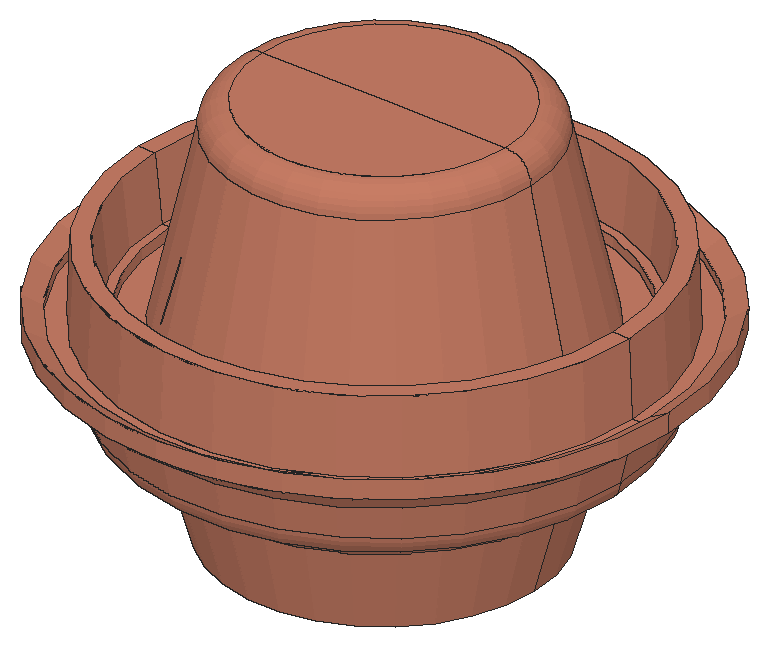
Revit family
Parameters (values of type "1080-08")
  Water Dam Height = 2"  # constant formula
  Waste Connection = no
  Warranty = "1 year material and workmanship"  # constant formula
  Vent Connection = no
  URL = "http://www.jrsmith.com"
  Type Comments = ""
  Threaded = yes
  Technical and Installation = "http://www.jrsmith.com/products/roof/tech_data_index.htm"
  SmartBIM Object Version = 3  # constant formula
  SmartBIM Object Created By = "Reed Construction Data"  # constant formula
  Push On = yes
  Product URL = "http://www.jrsmith.com/products/roof/submittal/d1080.pdf"
  Pipe Diameter = 8"
  Outlet Radius = Pipe Diameter / 2  # 4"
  OmniClass Title = "Roof Drains"  # constant formula
  OmniClass Code = "22-22 14 26 13"  # constant formula
  No Hub = yes
  Model = "1080"  # constant formula
  Material Finish = Cast Iron
  Material = Duco coated
  Manufacturer = "Jay R. Smith Mfg. Co. "  # constant formula
  HW Connection = no
  Dome Free Area = "102.5"
  Description = "Duco cast iron body, flashing clamp and gravel stop with polyethylene dome, PVC standpipe or cast iron water dam"  # constant formula
  Default Elevation = 0"
  D Radius = 8"  # constant formula
  Caulk = yes
  CW Connection = no
  Assembly Code = "D2040200"
  95 CSI = "15165"  # constant formula
  04 CSI = "22 14 35"  # constant formula
Reference planes (in)
  plane 1 "Center (Front/Back)": y = 0
  plane 2: z = 0
  plane 3 "Center (Left/Right)": x = -0.25
  plane 4: x = 7.75
  plane 5: x = -8.25
  plane 6: z = -5.29687
  plane 7: z = 2
  plane 8: through (4.97325, 0, 0.11589) normal (0.9744, 0, 0.225)
Forms (in)
  Revolve 1, solid, material "Cast Iron" <- "Material Finish"
    sketch origin (0, 0, 0.50522) x (1, 0, 0) y (0, 0, 1)
      loop
        line (4.70413, -3.33987) -> (5.07029, -3.33987)
        arc (5.07029, -3.33987) -> (5.24707, -3.26665) -> (5.32029, -3.08987) r 0.25
        line (5.32029, -3.08987) -> (5.32029, -3.03845)
        arc (5.32029, -3.03845) -> (5.36577, -2.92865) -> (5.47558, -2.88316) r 0.15529
        line (5.47558, -2.88316) -> (5.64193, -2.88316)
        arc (5.64193, -2.88316) -> (6.14831, -2.69563) -> (6.4104, -2.22352) r 0.77744
        line (6.4104, -2.22352) -> (6.62395, -1.33557) -> (7.75, -0.50522) -> (7.75, 0) -> (7.25311, -0.27056) -> (7.25311, -0.50522) -> (6.73808, -0.50522) -> (6.65246, 1.49478) -> (6.19201, 1.49478) -> (6.0089, -0.23136) -> (5.7589, -0.23136) -> (5.75891, -2.40634) -> (5.67672, -2.40634)
        arc (5.67672, -2.40634) -> (5.60811, -2.56329) -> (5.44944, -2.62781) r 0.22735
        line (5.44944, -2.62781) -> (5.38568, -2.62781)
        arc (5.38568, -2.62781) -> (5.2187, -2.68465) -> (5.13845, -2.84173) r 0.23471
        arc (5.13845, -2.84173) -> (5.06678, -2.95469) -> (4.94332, -3.00621) r 0.22268
        line (4.94332, -3.00621) -> (3.75, -3.00621) -> (3.75, -5.8021) -> (3.99184, -5.8021) -> (4.70413, -3.33987)
      axis (-0.25, -5.8021) -> (-0.25, 1.49478)
    angle from 0 to 360
  Revolve 2, solid, material "Cast Iron" <- "Material Finish"
    sketch origin (0, 0, 0) x (1, 0, 0) y (0, 0, 1)
      loop
        line (6.09864, 0) -> (5, 0) -> (3.87524, 4.87185)
        arc (3.87524, 4.87185) -> (3.66814, 5.37185) -> (3.16814, 5.57896) r 0.70711
        line (3.16814, 5.57896) -> (-0.25, 5.57896) -> (-0.25, 5.07896) -> (3.25, 5.07896) -> (4.66114, -0.1875) -> (5.91114, -0.1875) -> (6.09864, 0)
      axis (-0.25, -0.1875) -> (-0.25, 5.57896)
    angle from 0 to 360
Lines and regions (in)
  symbolic lines
    curve 1: arc (7.75, 0, 0) -> (-0.25, 8, 0) -> (-8.25, 0, 0) r 8
    curve 2: arc (-7.75311, 0, 0) -> (-0.25, 7.50311, 0) -> (7.25311, 0, 0) r 7.50311
    curve 3: arc (-7.75311, 0, 0) -> (-0.25, 7.50311, 0) -> (7.25311, 0, 0) r 7.50311
    curve 4: arc (-7.15246, 0, 0) -> (-0.25, 6.90246, 0) -> (6.65246, 0, 0) r 6.90246
    curve 5: arc (-7.23808, 0, 0) -> (-0.25, 6.98808, 0) -> (6.73808, 0, 0) r 6.98808
    curve 6: arc (-6.69201, 0, 0) -> (-0.25, 6.44201, 0) -> (6.19201, 0, 0) r 6.44201
    curve 7: arc (5, 0, 0) -> (-0.25, 5.25, 0) -> (-5.5, 0, 0) r 5.25
    curve 8: arc (-4.37524, 0, 0) -> (-0.25, 4.12524, 0) -> (3.87524, 0, 0) r 4.12524
    curve 9: arc (3.87524, 0, 0) -> (-0.25, -4.12524, 0) -> (-4.37524, 0, 0) r 4.12524
    curve 10: arc (-5.5, 0, 0) -> (-0.25, -5.25, 0) -> (5, 0, 0) r 5.25
    curve 11: arc (6.19201, 0, 0) -> (-0.25, -6.44201, 0) -> (-6.69201, 0, 0) r 6.44201
    curve 12: arc (6.65246, 0, 0) -> (-0.25, -6.90246, 0) -> (-7.15246, 0, 0) r 6.90246
    curve 13: arc (6.73808, 0, 0) -> (-0.25, -6.98808, 0) -> (-7.23808, 0, 0) r 6.98808
    curve 14: arc (7.25311, 0, 0) -> (-0.25, -7.50311, 0) -> (-7.75311, 0, 0) r 7.50311
    curve 15: arc (7.25311, 0, 0) -> (-0.25, -7.50311, 0) -> (-7.75311, 0, 0) r 7.50311
    curve 16: arc (-8.25, 0, 0) -> (-0.25, -8, 0) -> (7.75, 0, 0) r 8
    curve 177: line (-5.40276, 0.58744, 0) -> (-5.44038, 0.25744, 0)
    curve 178: line (-5.40276, 0.58744, 0) -> (-4.49326, 0.48376, 0)
    curve 179: line (-5.44038, 0.25744, 0) -> (-4.53088, 0.15376, 0)
    curve 180: spline (-4.49326, 0.48376, 0) -> (-4.4843, 0.47704, 0) -> (-4.47722, 0.45953, 0) -> (-4.47253, 0.43244, 0) -> (-4.47052, 0.39759, 0) -> (-4.47135, 0.35737, 0) -> (-4.47496, 0.31452, 0) -> (-4.48109, 0.27196, 0) -> (-4.48933, 0.23259, 0) -> (-4.49913, 0.19909, 0) -> (-4.5098, 0.17375, 0) -> (-4.52064, 0.15828, 0) -> (-4.53088, 0.15376, 0)
    curve 181: line (4.8321, 1.0336, 0) -> (4.7659, 1.35907, 0)
    curve 182: line (4.8321, 1.0336, 0) -> (3.93507, 0.85116, 0)
    curve 183: line (4.7659, 1.35907, 0) -> (3.86888, 1.17663, 0)
    curve 184: spline (3.93507, 0.85116, 0) -> (3.92447, 0.85478, 0) -> (3.91233, 0.86924, 0) -> (3.89949, 0.89356, 0) -> (3.88682, 0.92608, 0) -> (3.87518, 0.96459, 0) -> (3.86537, 1.00645, 0) -> (3.85805, 1.04883, 0) -> (3.85372, 1.08882, 0) -> (3.85268, 1.12371, 0) -> (3.85501, 1.15111, 0) -> (3.86053, 1.16916, 0) -> (3.86888, 1.17663, 0)
    curve 185: line (4.93122, 0.22586, 0) -> (4.91675, 0.55768, 0)
    curve 186: line (4.93122, 0.22586, 0) -> (4.0167, 0.18599, 0)
    curve 187: line (4.91675, 0.55768, 0) -> (4.00223, 0.51781, 0)
    curve 188: spline (4.0167, 0.18599, 0) -> (4.00679, 0.19122, 0) -> (3.99707, 0.20741, 0) -> (3.98819, 0.23344, 0) -> (3.98076, 0.26754, 0) -> (3.97529, 0.30739, 0) -> (3.97214, 0.35028, 0) -> (3.97154, 0.39327, 0) -> (3.97353, 0.43345, 0) -> (3.97796, 0.46807, 0) -> (3.98454, 0.49477, 0) -> (3.99282, 0.51174, 0) -> (4.00223, 0.51781, 0)
    curve 189: line (4.90276, -0.58744, 0) -> (4.94038, -0.25744, 0)
    curve 190: line (4.90276, -0.58744, 0) -> (3.99326, -0.48376, 0)
    curve 191: line (4.94038, -0.25744, 0) -> (4.03088, -0.15376, 0)
    curve 192: spline (3.99326, -0.48376, 0) -> (3.9843, -0.47704, 0) -> (3.97722, -0.45953, 0) -> (3.97253, -0.43244, 0) -> (3.97052, -0.39759, 0) -> (3.97135, -0.35737, 0) -> (3.97496, -0.31452, 0) -> (3.98109, -0.27196, 0) -> (3.98933, -0.23259, 0) -> (3.99913, -0.19909, 0) -> (4.0098, -0.17375, 0) -> (4.02064, -0.15828, 0) -> (4.03088, -0.15376, 0)
    curve 193: line (4.74742, -1.38628, 0) -> (4.83621, -1.06623, 0)
    curve 194: line (4.74742, -1.38628, 0) -> (3.86534, -1.14159, 0)
    curve 195: line (4.83621, -1.06623, 0) -> (3.95413, -0.82154, 0)
    curve 196: spline (3.86534, -1.14159, 0) -> (3.85754, -1.13355, 0) -> (3.85329, -1.11516, 0) -> (3.85289, -1.08766, 0) -> (3.85636, -1.05293, 0) -> (3.86347, -1.01334, 0) -> (3.87374, -0.97158, 0) -> (3.88645, -0.9305, 0) -> (3.90076, -0.89291, 0) -> (3.91567, -0.86135, 0) -> (3.93018, -0.83799, 0) -> (3.9433, -0.82441, 0) -> (3.95413, -0.82154, 0)
    curve 197: line (4.46904, -2.15098, 0) -> (4.60679, -1.84876, 0)
    curve 198: line (4.46904, -2.15098, 0) -> (3.63609, -1.77132, 0)
    curve 199: line (4.60679, -1.84876, 0) -> (3.77385, -1.4691, 0)
    curve 200: spline (3.63609, -1.77132, 0) -> (3.62964, -1.76216, 0) -> (3.62832, -1.74333, 0) -> (3.63223, -1.7161, 0) -> (3.64109, -1.68235, 0) -> (3.65431, -1.64435, 0) -> (3.67098, -1.60471, 0) -> (3.68996, -1.56613, 0) -> (3.70997, -1.53123, 0) -> (3.72964, -1.5024, 0) -> (3.74762, -1.48159, 0) -> (3.7627, -1.47024, 0) -> (3.77385, -1.4691, 0)
    curve 201: line (4.07445, -2.86272, 0) -> (4.25779, -2.58577, 0)
    curve 202: line (4.07445, -2.86272, 0) -> (3.31115, -2.35743, 0)
    curve 203: line (4.25779, -2.58577, 0) -> (3.49449, -2.08048, 0)
    curve 204: spline (3.31115, -2.35743, 0) -> (3.30621, -2.34737, 0) -> (3.30786, -2.32857, 0) -> (3.31598, -2.30229, 0) -> (3.33001, -2.27033, 0) -> (3.34901, -2.23488, 0) -> (3.37167, -2.19833, 0) -> (3.39646, -2.1632, 0) -> (3.42168, -2.13186, 0) -> (3.44562, -2.10646, 0) -> (3.46663, -2.08872, 0) -> (3.48331, -2.07986, 0) -> (3.49449, -2.08048, 0)
    curve 205: line (3.57338, -3.50397, 0) -> (3.79778, -3.25911, 0)
    curve 206: line (3.57338, -3.50397, 0) -> (2.89853, -2.88549, 0)
    curve 207: line (3.79778, -3.25911, 0) -> (3.12293, -2.64063, 0)
    curve 208: spline (2.89853, -2.88549, 0) -> (2.89522, -2.87479, 0) -> (2.89979, -2.85647, 0) -> (2.91192, -2.83179, 0) -> (2.93078, -2.80242, 0) -> (2.95509, -2.77037, 0) -> (2.98319, -2.73782, 0) -> (3.01317, -2.707, 0) -> (3.04298, -2.67999, 0) -> (3.07059, -2.65864, 0) -> (3.09413, -2.64441, 0) -> (3.11198, -2.63827, 0) -> (3.12293, -2.64063, 0)
    curve 209: line (2.97817, -4.05894, 0) -> (3.23811, -3.85219, 0)
    curve 210: line (2.97817, -4.05894, 0) -> (2.40837, -3.34251, 0)
    curve 211: line (3.23811, -3.85219, 0) -> (2.66832, -3.13576, 0)
    curve 212: spline (2.40837, -3.34251, 0) -> (2.40678, -3.33142, 0) -> (2.41416, -3.31404, 0) -> (2.43, -3.29156, 0) -> (2.45322, -3.2655, 0) -> (2.48225, -3.23765, 0) -> (2.51509, -3.2099, 0) -> (2.54952, -3.18414, 0) -> (2.58319, -3.16213, 0) -> (2.61381, -3.14537, 0) -> (2.63928, -3.13499, 0) -> (2.65787, -3.13172, 0) -> (2.66832, -3.13576, 0)
    curve 213: line (2.30346, -4.51396, 0) -> (2.59255, -4.35043, 0)
    curve 214: line (2.30346, -4.51396, 0) -> (1.85276, -3.71722, 0)
    curve 215: line (2.59255, -4.35043, 0) -> (2.14185, -3.55368, 0)
    curve 216: spline (1.85276, -3.71722, 0) -> (1.85292, -3.70601, 0) -> (1.86293, -3.69, 0) -> (1.88209, -3.67027, 0) -> (1.9091, -3.64817, 0) -> (1.94213, -3.6252, 0) -> (1.97891, -3.60293, 0) -> (2.01695, -3.58288, 0) -> (2.05365, -3.56641, 0) -> (2.08651, -3.55464, 0) -> (2.11329, -3.54838, 0) -> (2.13216, -3.54805, 0) -> (2.14185, -3.55368, 0)
    curve 217: line (1.56589, -4.85784, 0) -> (1.877, -4.74154, 0)
    curve 218: line (1.56589, -4.85784, 0) -> (1.24537, -4.00039, 0)
    curve 219: line (1.877, -4.74154, 0) -> (1.55648, -3.8841, 0)
    curve 220: spline (1.24537, -4.00039, 0) -> (1.24729, -3.98936, 0) -> (1.25967, -3.97511, 0) -> (1.28168, -3.95862, 0) -> (1.31182, -3.94102, 0) -> (1.34803, -3.9235, 0) -> (1.38785, -3.90725, 0) -> (1.42855, -3.8934, 0) -> (1.46738, -3.88287, 0) -> (1.50167, -3.87639, 0) -> (1.5291, -3.87439, 0) -> (1.5478, -3.87702, 0) -> (1.55648, -3.8841, 0)
    curve 221: line (0.7836, -5.0821, 0) -> (1.10907, -5.0159, 0)
    curve 222: line (0.7836, -5.0821, 0) -> (0.60116, -4.18507, 0)
    curve 223: line (1.10907, -5.0159, 0) -> (0.92663, -4.11888, 0)
    curve 224: spline (0.60116, -4.18507, 0) -> (0.60478, -4.17447, 0) -> (0.61924, -4.16233, 0) -> (0.64356, -4.14949, 0) -> (0.67608, -4.13682, 0) -> (0.71459, -4.12518, 0) -> (0.75645, -4.11537, 0) -> (0.79883, -4.10805, 0) -> (0.83882, -4.10372, 0) -> (0.87371, -4.10268, 0) -> (0.90111, -4.10501, 0) -> (0.91916, -4.11053, 0) -> (0.92663, -4.11888, 0)
    curve 225: line (-0.02414, -5.18122, 0) -> (0.30768, -5.16675, 0)
    curve 226: line (-0.02414, -5.18122, 0) -> (-0.06401, -4.2667, 0)
    curve 227: line (0.30768, -5.16675, 0) -> (0.26781, -4.25223, 0)
    curve 228: spline (-0.06401, -4.2667, 0) -> (-0.05878, -4.25679, 0) -> (-0.04259, -4.24707, 0) -> (-0.01656, -4.23819, 0) -> (0.01754, -4.23076, 0) -> (0.05739, -4.22529, 0) -> (0.10028, -4.22214, 0) -> (0.14327, -4.22154, 0) -> (0.18345, -4.22353, 0) -> (0.21807, -4.22796, 0) -> (0.24477, -4.23454, 0) -> (0.26174, -4.24282, 0) -> (0.26781, -4.25223, 0)
    curve 229: line (-0.83744, -5.15276, 0) -> (-0.50744, -5.19038, 0)
    curve 230: line (-0.83744, -5.15276, 0) -> (-0.73376, -4.24326, 0)
    curve 231: line (-0.50744, -5.19038, 0) -> (-0.40376, -4.28088, 0)
    curve 232: spline (-0.73376, -4.24326, 0) -> (-0.72704, -4.2343, 0) -> (-0.70953, -4.22722, 0) -> (-0.68244, -4.22253, 0) -> (-0.64759, -4.22052, 0) -> (-0.60737, -4.22135, 0) -> (-0.56452, -4.22496, 0) -> (-0.52196, -4.23109, 0) -> (-0.48259, -4.23933, 0) -> (-0.44909, -4.24913, 0) -> (-0.42375, -4.2598, 0) -> (-0.40828, -4.27064, 0) -> (-0.40376, -4.28088, 0)
    curve 233: line (-1.63628, -4.99742, 0) -> (-1.31623, -5.08621, 0)
    curve 234: line (-1.63628, -4.99742, 0) -> (-1.39159, -4.11534, 0)
    curve 235: line (-1.31623, -5.08621, 0) -> (-1.07154, -4.20413, 0)
    curve 236: spline (-1.39159, -4.11534, 0) -> (-1.38355, -4.10754, 0) -> (-1.36516, -4.10329, 0) -> (-1.33766, -4.10289, 0) -> (-1.30293, -4.10636, 0) -> (-1.26334, -4.11347, 0) -> (-1.22158, -4.12374, 0) -> (-1.1805, -4.13645, 0) -> (-1.14291, -4.15076, 0) -> (-1.11135, -4.16567, 0) -> (-1.08799, -4.18018, 0) -> (-1.07441, -4.1933, 0) -> (-1.07154, -4.20413, 0)
    curve 237: line (-2.40098, -4.71904, 0) -> (-2.09876, -4.85679, 0)
    curve 238: line (-2.40098, -4.71904, 0) -> (-2.02132, -3.88609, 0)
    curve 239: line (-2.09876, -4.85679, 0) -> (-1.7191, -4.02385, 0)
    curve 240: spline (-2.02132, -3.88609, 0) -> (-2.01216, -3.87964, 0) -> (-1.99333, -3.87832, 0) -> (-1.9661, -3.88223, 0) -> (-1.93235, -3.89109, 0) -> (-1.89435, -3.90431, 0) -> (-1.85471, -3.92098, 0) -> (-1.81613, -3.93996, 0) -> (-1.78123, -3.95997, 0) -> (-1.7524, -3.97964, 0) -> (-1.73159, -3.99762, 0) -> (-1.72024, -4.0127, 0) -> (-1.7191, -4.02385, 0)
    curve 241: line (-3.11272, -4.32445, 0) -> (-2.83577, -4.50779, 0)
    curve 242: line (-3.11272, -4.32445, 0) -> (-2.60743, -3.56115, 0)
    curve 243: line (-2.83577, -4.50779, 0) -> (-2.33048, -3.74449, 0)
    curve 244: spline (-2.60743, -3.56115, 0) -> (-2.59737, -3.55621, 0) -> (-2.57857, -3.55786, 0) -> (-2.55229, -3.56598, 0) -> (-2.52033, -3.58001, 0) -> (-2.48488, -3.59901, 0) -> (-2.44833, -3.62167, 0) -> (-2.4132, -3.64646, 0) -> (-2.38186, -3.67168, 0) -> (-2.35646, -3.69562, 0) -> (-2.33872, -3.71663, 0) -> (-2.32986, -3.73331, 0) -> (-2.33048, -3.74449, 0)
    curve 245: line (-3.75397, -3.82338, 0) -> (-3.50911, -4.04778, 0)
    curve 246: line (-3.75397, -3.82338, 0) -> (-3.13549, -3.14853, 0)
    curve 247: line (-3.50911, -4.04778, 0) -> (-2.89063, -3.37293, 0)
    curve 248: spline (-3.13549, -3.14853, 0) -> (-3.12479, -3.14522, 0) -> (-3.10647, -3.14979, 0) -> (-3.08179, -3.16192, 0) -> (-3.05242, -3.18078, 0) -> (-3.02037, -3.20509, 0) -> (-2.98782, -3.23319, 0) -> (-2.957, -3.26317, 0) -> (-2.92999, -3.29298, 0) -> (-2.90864, -3.32059, 0) -> (-2.89441, -3.34413, 0) -> (-2.88827, -3.36198, 0) -> (-2.89063, -3.37293, 0)
    curve 249: line (-4.30894, -3.22817, 0) -> (-4.10219, -3.48811, 0)
    curve 250: line (-4.30894, -3.22817, 0) -> (-3.59251, -2.65837, 0)
    curve 251: line (-4.10219, -3.48811, 0) -> (-3.38576, -2.91832, 0)
    curve 252: spline (-3.59251, -2.65837, 0) -> (-3.58142, -2.65678, 0) -> (-3.56404, -2.66416, 0) -> (-3.54156, -2.68, 0) -> (-3.5155, -2.70322, 0) -> (-3.48765, -2.73225, 0) -> (-3.4599, -2.76509, 0) -> (-3.43414, -2.79952, 0) -> (-3.41213, -2.83319, 0) -> (-3.39537, -2.86381, 0) -> (-3.38499, -2.88928, 0) -> (-3.38172, -2.90787, 0) -> (-3.38576, -2.91832, 0)
    curve 253: line (-4.76396, -2.55346, 0) -> (-4.60043, -2.84255, 0)
    curve 254: line (-4.76396, -2.55346, 0) -> (-3.96722, -2.10276, 0)
    curve 255: line (-4.60043, -2.84255, 0) -> (-3.80368, -2.39185, 0)
    curve 256: spline (-3.96722, -2.10276, 0) -> (-3.95601, -2.10292, 0) -> (-3.94, -2.11293, 0) -> (-3.92027, -2.13209, 0) -> (-3.89817, -2.1591, 0) -> (-3.8752, -2.19213, 0) -> (-3.85293, -2.22891, 0) -> (-3.83288, -2.26695, 0) -> (-3.81641, -2.30365, 0) -> (-3.80464, -2.33651, 0) -> (-3.79838, -2.36329, 0) -> (-3.79805, -2.38216, 0) -> (-3.80368, -2.39185, 0)
    curve 257: line (-5.10784, -1.81589, 0) -> (-4.99154, -2.127, 0)
    curve 258: line (-5.10784, -1.81589, 0) -> (-4.25039, -1.49537, 0)
    curve 259: line (-4.99154, -2.127, 0) -> (-4.1341, -1.80648, 0)
    curve 260: spline (-4.25039, -1.49537, 0) -> (-4.23936, -1.49729, 0) -> (-4.22511, -1.50967, 0) -> (-4.20862, -1.53168, 0) -> (-4.19102, -1.56182, 0) -> (-4.1735, -1.59803, 0) -> (-4.15725, -1.63785, 0) -> (-4.1434, -1.67855, 0) -> (-4.13287, -1.71738, 0) -> (-4.12639, -1.75167, 0) -> (-4.12439, -1.7791, 0) -> (-4.12702, -1.7978, 0) -> (-4.1341, -1.80648, 0)
    curve 261: line (-5.3321, -1.0336, 0) -> (-5.2659, -1.35907, 0)
    curve 262: line (-5.3321, -1.0336, 0) -> (-4.43507, -0.85116, 0)
    curve 263: line (-5.2659, -1.35907, 0) -> (-4.36888, -1.17663, 0)
    curve 264: spline (-4.43507, -0.85116, 0) -> (-4.42447, -0.85478, 0) -> (-4.41233, -0.86924, 0) -> (-4.39949, -0.89356, 0) -> (-4.38682, -0.92608, 0) -> (-4.37518, -0.96459, 0) -> (-4.36537, -1.00645, 0) -> (-4.35805, -1.04883, 0) -> (-4.35372, -1.08882, 0) -> (-4.35268, -1.12371, 0) -> (-4.35501, -1.15111, 0) -> (-4.36053, -1.16916, 0) -> (-4.36888, -1.17663, 0)
    curve 265: line (-5.43122, -0.22586, 0) -> (-5.41675, -0.55768, 0)
    curve 266: line (-5.43122, -0.22586, 0) -> (-4.5167, -0.18599, 0)
    curve 267: line (-5.41675, -0.55768, 0) -> (-4.50223, -0.51781, 0)
    curve 268: spline (-4.5167, -0.18599, 0) -> (-4.50679, -0.19122, 0) -> (-4.49707, -0.20741, 0) -> (-4.48819, -0.23344, 0) -> (-4.48076, -0.26754, 0) -> (-4.47529, -0.30739, 0) -> (-4.47214, -0.35028, 0) -> (-4.47154, -0.39327, 0) -> (-4.47353, -0.43345, 0) -> (-4.47796, -0.46807, 0) -> (-4.48454, -0.49477, 0) -> (-4.49282, -0.51174, 0) -> (-4.50223, -0.51781, 0)
    curve 269: line (-5.24742, 1.38628, 0) -> (-5.33621, 1.06623, 0)
    curve 270: line (-5.24742, 1.38628, 0) -> (-4.36534, 1.14159, 0)
    curve 271: line (-5.33621, 1.06623, 0) -> (-4.45413, 0.82154, 0)
    curve 272: spline (-4.36534, 1.14159, 0) -> (-4.35754, 1.13355, 0) -> (-4.35329, 1.11516, 0) -> (-4.35289, 1.08766, 0) -> (-4.35636, 1.05293, 0) -> (-4.36347, 1.01334, 0) -> (-4.37374, 0.97158, 0) -> (-4.38645, 0.9305, 0) -> (-4.40076, 0.89291, 0) -> (-4.41567, 0.86135, 0) -> (-4.43018, 0.83799, 0) -> (-4.4433, 0.82441, 0) -> (-4.45413, 0.82154, 0)
    curve 273: line (-4.96904, 2.15098, 0) -> (-5.10679, 1.84876, 0)
    curve 274: line (-4.96904, 2.15098, 0) -> (-4.13609, 1.77132, 0)
    curve 275: line (-5.10679, 1.84876, 0) -> (-4.27385, 1.4691, 0)
    curve 276: spline (-4.13609, 1.77132, 0) -> (-4.12964, 1.76216, 0) -> (-4.12832, 1.74333, 0) -> (-4.13223, 1.7161, 0) -> (-4.14109, 1.68235, 0) -> (-4.15431, 1.64435, 0) -> (-4.17098, 1.60471, 0) -> (-4.18996, 1.56613, 0) -> (-4.20997, 1.53123, 0) -> (-4.22964, 1.5024, 0) -> (-4.24762, 1.48159, 0) -> (-4.2627, 1.47024, 0) -> (-4.27385, 1.4691, 0)
    curve 277: line (-4.57445, 2.86272, 0) -> (-4.75779, 2.58577, 0)
    curve 278: line (-4.57445, 2.86272, 0) -> (-3.81115, 2.35743, 0)
    curve 279: line (-4.75779, 2.58577, 0) -> (-3.99449, 2.08048, 0)
    curve 280: spline (-3.81115, 2.35743, 0) -> (-3.80621, 2.34737, 0) -> (-3.80786, 2.32857, 0) -> (-3.81598, 2.30229, 0) -> (-3.83001, 2.27033, 0) -> (-3.84901, 2.23488, 0) -> (-3.87167, 2.19833, 0) -> (-3.89646, 2.1632, 0) -> (-3.92168, 2.13186, 0) -> (-3.94562, 2.10646, 0) -> (-3.96663, 2.08872, 0) -> (-3.98331, 2.07986, 0) -> (-3.99449, 2.08048, 0)
    curve 281: line (-4.07338, 3.50397, 0) -> (-4.29778, 3.25911, 0)
    curve 282: line (-4.07338, 3.50397, 0) -> (-3.39853, 2.88549, 0)
    curve 283: line (-4.29778, 3.25911, 0) -> (-3.62293, 2.64063, 0)
    curve 284: spline (-3.39853, 2.88549, 0) -> (-3.39522, 2.87479, 0) -> (-3.39979, 2.85647, 0) -> (-3.41192, 2.83179, 0) -> (-3.43078, 2.80242, 0) -> (-3.45509, 2.77037, 0) -> (-3.48319, 2.73782, 0) -> (-3.51317, 2.707, 0) -> (-3.54298, 2.67999, 0) -> (-3.57059, 2.65864, 0) -> (-3.59413, 2.64441, 0) -> (-3.61198, 2.63827, 0) -> (-3.62293, 2.64063, 0)
    curve 285: line (-3.47817, 4.05894, 0) -> (-3.73811, 3.85219, 0)
    curve 286: line (-3.47817, 4.05894, 0) -> (-2.90837, 3.34251, 0)
    curve 287: line (-3.73811, 3.85219, 0) -> (-3.16832, 3.13576, 0)
    curve 288: spline (-2.90837, 3.34251, 0) -> (-2.90678, 3.33142, 0) -> (-2.91416, 3.31404, 0) -> (-2.93, 3.29156, 0) -> (-2.95322, 3.2655, 0) -> (-2.98225, 3.23765, 0) -> (-3.01509, 3.2099, 0) -> (-3.04952, 3.18414, 0) -> (-3.08319, 3.16213, 0) -> (-3.11381, 3.14537, 0) -> (-3.13928, 3.13499, 0) -> (-3.15787, 3.13172, 0) -> (-3.16832, 3.13576, 0)
    curve 289: line (-2.80346, 4.51396, 0) -> (-3.09255, 4.35043, 0)
    curve 290: line (-2.80346, 4.51396, 0) -> (-2.35276, 3.71722, 0)
    curve 291: line (-3.09255, 4.35043, 0) -> (-2.64185, 3.55368, 0)
    curve 292: spline (-2.35276, 3.71722, 0) -> (-2.35292, 3.70601, 0) -> (-2.36293, 3.69, 0) -> (-2.38209, 3.67027, 0) -> (-2.4091, 3.64817, 0) -> (-2.44213, 3.6252, 0) -> (-2.47891, 3.60293, 0) -> (-2.51695, 3.58288, 0) -> (-2.55365, 3.56641, 0) -> (-2.58651, 3.55464, 0) -> (-2.61329, 3.54838, 0) -> (-2.63216, 3.54805, 0) -> (-2.64185, 3.55368, 0)
    curve 293: line (-2.06589, 4.85784, 0) -> (-2.377, 4.74154, 0)
    curve 294: line (-2.06589, 4.85784, 0) -> (-1.74537, 4.00039, 0)
    curve 295: line (-2.377, 4.74154, 0) -> (-2.05648, 3.8841, 0)
    curve 296: spline (-1.74537, 4.00039, 0) -> (-1.74729, 3.98936, 0) -> (-1.75967, 3.97511, 0) -> (-1.78168, 3.95862, 0) -> (-1.81182, 3.94102, 0) -> (-1.84803, 3.9235, 0) -> (-1.88785, 3.90725, 0) -> (-1.92855, 3.8934, 0) -> (-1.96738, 3.88287, 0) -> (-2.00167, 3.87639, 0) -> (-2.0291, 3.87439, 0) -> (-2.0478, 3.87702, 0) -> (-2.05648, 3.8841, 0)
    curve 297: line (-1.2836, 5.0821, 0) -> (-1.60907, 5.0159, 0)
    curve 298: line (-1.2836, 5.0821, 0) -> (-1.10116, 4.18507, 0)
    curve 299: line (-1.60907, 5.0159, 0) -> (-1.42663, 4.11888, 0)
    curve 300: spline (-1.10116, 4.18507, 0) -> (-1.10478, 4.17447, 0) -> (-1.11924, 4.16233, 0) -> (-1.14356, 4.14949, 0) -> (-1.17608, 4.13682, 0) -> (-1.21459, 4.12518, 0) -> (-1.25645, 4.11537, 0) -> (-1.29883, 4.10805, 0) -> (-1.33882, 4.10372, 0) -> (-1.37371, 4.10268, 0) -> (-1.40111, 4.10501, 0) -> (-1.41916, 4.11053, 0) -> (-1.42663, 4.11888, 0)
    curve 301: line (-0.47586, 5.18122, 0) -> (-0.80768, 5.16675, 0)
    curve 302: line (-0.47586, 5.18122, 0) -> (-0.43599, 4.2667, 0)
    curve 303: line (-0.80768, 5.16675, 0) -> (-0.76781, 4.25223, 0)
    curve 304: spline (-0.43599, 4.2667, 0) -> (-0.44122, 4.25679, 0) -> (-0.45741, 4.24707, 0) -> (-0.48344, 4.23819, 0) -> (-0.51754, 4.23076, 0) -> (-0.55739, 4.22529, 0) -> (-0.60028, 4.22214, 0) -> (-0.64327, 4.22154, 0) -> (-0.68345, 4.22353, 0) -> (-0.71807, 4.22796, 0) -> (-0.74477, 4.23454, 0) -> (-0.76174, 4.24282, 0) -> (-0.76781, 4.25223, 0)
    curve 305: line (0.33744, 5.15276, 0) -> (0.00744, 5.19038, 0)
    curve 306: line (0.33744, 5.15276, 0) -> (0.23376, 4.24326, 0)
    curve 307: line (0.00744, 5.19038, 0) -> (-0.09624, 4.28088, 0)
    curve 308: spline (0.23376, 4.24326, 0) -> (0.22704, 4.2343, 0) -> (0.20953, 4.22722, 0) -> (0.18244, 4.22253, 0) -> (0.14759, 4.22052, 0) -> (0.10737, 4.22135, 0) -> (0.06452, 4.22496, 0) -> (0.02196, 4.23109, 0) -> (-0.01741, 4.23933, 0) -> (-0.05091, 4.24913, 0) -> (-0.07625, 4.2598, 0) -> (-0.09172, 4.27064, 0) -> (-0.09624, 4.28088, 0)
    curve 309: line (1.13628, 4.99742, 0) -> (0.81623, 5.08621, 0)
    curve 310: line (1.13628, 4.99742, 0) -> (0.89159, 4.11534, 0)
    curve 311: line (0.81623, 5.08621, 0) -> (0.57154, 4.20413, 0)
    curve 312: spline (0.89159, 4.11534, 0) -> (0.88355, 4.10754, 0) -> (0.86516, 4.10329, 0) -> (0.83766, 4.10289, 0) -> (0.80293, 4.10636, 0) -> (0.76334, 4.11347, 0) -> (0.72158, 4.12374, 0) -> (0.6805, 4.13645, 0) -> (0.64291, 4.15076, 0) -> (0.61135, 4.16567, 0) -> (0.58799, 4.18018, 0) -> (0.57441, 4.1933, 0) -> (0.57154, 4.20413, 0)
    curve 313: line (1.90098, 4.71904, 0) -> (1.59876, 4.85679, 0)
    curve 314: line (1.90098, 4.71904, 0) -> (1.52132, 3.88609, 0)
    curve 315: line (1.59876, 4.85679, 0) -> (1.2191, 4.02385, 0)
    curve 316: spline (1.52132, 3.88609, 0) -> (1.51216, 3.87964, 0) -> (1.49333, 3.87832, 0) -> (1.4661, 3.88223, 0) -> (1.43235, 3.89109, 0) -> (1.39435, 3.90431, 0) -> (1.35471, 3.92098, 0) -> (1.31613, 3.93996, 0) -> (1.28123, 3.95997, 0) -> (1.2524, 3.97964, 0) -> (1.23159, 3.99762, 0) -> (1.22024, 4.0127, 0) -> (1.2191, 4.02385, 0)
    curve 317: line (2.61272, 4.32445, 0) -> (2.33577, 4.50779, 0)
    curve 318: line (2.61272, 4.32445, 0) -> (2.10743, 3.56115, 0)
    curve 319: line (2.33577, 4.50779, 0) -> (1.83048, 3.74449, 0)
    curve 320: spline (2.10743, 3.56115, 0) -> (2.09737, 3.55621, 0) -> (2.07857, 3.55786, 0) -> (2.05229, 3.56598, 0) -> (2.02033, 3.58001, 0) -> (1.98488, 3.59901, 0) -> (1.94833, 3.62167, 0) -> (1.9132, 3.64646, 0) -> (1.88186, 3.67168, 0) -> (1.85646, 3.69562, 0) -> (1.83872, 3.71663, 0) -> (1.82986, 3.73331, 0) -> (1.83048, 3.74449, 0)
    curve 321: line (3.25397, 3.82338, 0) -> (3.00911, 4.04778, 0)
    curve 322: line (3.25397, 3.82338, 0) -> (2.63549, 3.14853, 0)
    curve 323: line (3.00911, 4.04778, 0) -> (2.39063, 3.37293, 0)
    curve 324: spline (2.63549, 3.14853, 0) -> (2.62479, 3.14522, 0) -> (2.60647, 3.14979, 0) -> (2.58179, 3.16192, 0) -> (2.55242, 3.18078, 0) -> (2.52037, 3.20509, 0) -> (2.48782, 3.23319, 0) -> (2.457, 3.26317, 0) -> (2.42999, 3.29298, 0) -> (2.40864, 3.32059, 0) -> (2.39441, 3.34413, 0) -> (2.38827, 3.36198, 0) -> (2.39063, 3.37293, 0)
    curve 325: line (3.80894, 3.22817, 0) -> (3.60219, 3.48811, 0)
    curve 326: line (3.80894, 3.22817, 0) -> (3.09251, 2.65837, 0)
    curve 327: line (3.60219, 3.48811, 0) -> (2.88576, 2.91832, 0)
    curve 328: spline (3.09251, 2.65837, 0) -> (3.08142, 2.65678, 0) -> (3.06404, 2.66416, 0) -> (3.04156, 2.68, 0) -> (3.0155, 2.70322, 0) -> (2.98765, 2.73225, 0) -> (2.9599, 2.76509, 0) -> (2.93414, 2.79952, 0) -> (2.91213, 2.83319, 0) -> (2.89537, 2.86381, 0) -> (2.88499, 2.88928, 0) -> (2.88172, 2.90787, 0) -> (2.88576, 2.91832, 0)
    curve 329: line (4.26396, 2.55346, 0) -> (4.10043, 2.84255, 0)
    curve 330: line (4.26396, 2.55346, 0) -> (3.46722, 2.10276, 0)
    curve 331: line (4.10043, 2.84255, 0) -> (3.30368, 2.39185, 0)
    curve 332: spline (3.46722, 2.10276, 0) -> (3.45601, 2.10292, 0) -> (3.44, 2.11293, 0) -> (3.42027, 2.13209, 0) -> (3.39817, 2.1591, 0) -> (3.3752, 2.19213, 0) -> (3.35293, 2.22891, 0) -> (3.33288, 2.26695, 0) -> (3.31641, 2.30365, 0) -> (3.30464, 2.33651, 0) -> (3.29838, 2.36329, 0) -> (3.29805, 2.38216, 0) -> (3.30368, 2.39185, 0)
    curve 333: line (4.60784, 1.81589, 0) -> (4.49154, 2.127, 0)
    curve 334: line (4.60784, 1.81589, 0) -> (3.75039, 1.49537, 0)
    curve 335: line (4.49154, 2.127, 0) -> (3.6341, 1.80648, 0)
    curve 336: spline (3.75039, 1.49537, 0) -> (3.73936, 1.49729, 0) -> (3.72511, 1.50967, 0) -> (3.70862, 1.53168, 0) -> (3.69102, 1.56182, 0) -> (3.6735, 1.59803, 0) -> (3.65725, 1.63785, 0) -> (3.6434, 1.67855, 0) -> (3.63287, 1.71738, 0) -> (3.62639, 1.75167, 0) -> (3.62439, 1.7791, 0) -> (3.62702, 1.7978, 0) -> (3.6341, 1.80648, 0)
  model lines
    curve 17: line (4.8321, 1.0336, 0.27662) -> (3.93507, 0.85116, 4.24161)
    curve 18: line (4.7659, 1.35907, 0.27662) -> (3.86888, 1.17663, 4.24161)
    curve 19: arc (3.93507, 0.85116, 4.24161) -> (3.86537, 1.00645, 4.40342) -> (3.86888, 1.17663, 4.24161) r 0.16607
    curve 20: line (4.8321, 1.0336, 0.27662) -> (4.7659, 1.35907, 0.27662)
    curve 21: line (4.93122, 0.22586, 0.27662) -> (4.0167, 0.18599, 4.24161)
    curve 22: line (4.91675, 0.55768, 0.27662) -> (4.00223, 0.51781, 4.24161)
    curve 23: arc (4.0167, 0.18599, 4.24161) -> (3.97214, 0.35028, 4.40342) -> (4.00223, 0.51781, 4.24161) r 0.16607
    curve 24: line (4.93122, 0.22586, 0.27662) -> (4.91675, 0.55768, 0.27662)
    curve 25: line (4.90276, -0.58744, 0.27662) -> (3.99326, -0.48376, 4.24161)
    curve 26: line (4.94038, -0.25744, 0.27662) -> (4.03088, -0.15376, 4.24161)
    curve 27: arc (3.99326, -0.48376, 4.24161) -> (3.97496, -0.31452, 4.40342) -> (4.03088, -0.15376, 4.24161) r 0.16607
    curve 28: line (4.90276, -0.58744, 0.27662) -> (4.94038, -0.25744, 0.27662)
    curve 29: line (4.74742, -1.38628, 0.27662) -> (3.86534, -1.14159, 4.24161)
    curve 30: line (4.83621, -1.06623, 0.27662) -> (3.95413, -0.82154, 4.24161)
    curve 31: arc (3.86534, -1.14159, 4.24161) -> (3.87374, -0.97158, 4.40342) -> (3.95413, -0.82154, 4.24161) r 0.16607
    curve 32: line (4.74742, -1.38628, 0.27662) -> (4.83621, -1.06623, 0.27662)
    curve 33: line (4.46904, -2.15098, 0.27662) -> (3.63609, -1.77132, 4.24161)
    curve 34: line (4.60679, -1.84876, 0.27662) -> (3.77385, -1.4691, 4.24161)
    curve 35: arc (3.63609, -1.77132, 4.24161) -> (3.67098, -1.60471, 4.40342) -> (3.77385, -1.4691, 4.24161) r 0.16607
    curve 36: line (4.46904, -2.15098, 0.27662) -> (4.60679, -1.84876, 0.27662)
    curve 37: line (4.07445, -2.86272, 0.27662) -> (3.31115, -2.35743, 4.24161)
    curve 38: line (4.25779, -2.58577, 0.27662) -> (3.49449, -2.08048, 4.24161)
    curve 39: arc (3.31115, -2.35743, 4.24161) -> (3.37167, -2.19833, 4.40342) -> (3.49449, -2.08048, 4.24161) r 0.16607
    curve 40: line (4.07445, -2.86272, 0.27662) -> (4.25779, -2.58577, 0.27662)
    curve 41: line (3.57338, -3.50397, 0.27662) -> (2.89853, -2.88549, 4.24161)
    curve 42: line (3.79778, -3.25911, 0.27662) -> (3.12293, -2.64063, 4.24161)
    curve 43: arc (2.89853, -2.88549, 4.24161) -> (2.98319, -2.73782, 4.40342) -> (3.12293, -2.64063, 4.24161) r 0.16607
    curve 44: line (3.57338, -3.50397, 0.27662) -> (3.79778, -3.25911, 0.27662)
    curve 45: line (2.97817, -4.05894, 0.27662) -> (2.40837, -3.34251, 4.24161)
    curve 46: line (3.23811, -3.85219, 0.27662) -> (2.66832, -3.13576, 4.24161)
    curve 47: arc (2.40837, -3.34251, 4.24161) -> (2.51509, -3.2099, 4.40342) -> (2.66832, -3.13576, 4.24161) r 0.16607
    curve 48: line (2.97817, -4.05894, 0.27662) -> (3.23811, -3.85219, 0.27662)
    curve 49: line (2.30346, -4.51396, 0.27662) -> (1.85276, -3.71722, 4.24161)
    curve 50: line (2.59255, -4.35043, 0.27662) -> (2.14185, -3.55368, 4.24161)
    curve 51: arc (1.85276, -3.71722, 4.24161) -> (1.97891, -3.60293, 4.40342) -> (2.14185, -3.55368, 4.24161) r 0.16607
    curve 52: line (2.30346, -4.51396, 0.27662) -> (2.59255, -4.35043, 0.27662)
    curve 53: line (1.56589, -4.85784, 0.27662) -> (1.24537, -4.00039, 4.24161)
    curve 54: line (1.877, -4.74154, 0.27662) -> (1.55648, -3.8841, 4.24161)
    curve 55: arc (1.24537, -4.00039, 4.24161) -> (1.38785, -3.90725, 4.40342) -> (1.55648, -3.8841, 4.24161) r 0.16607
    curve 56: line (1.56589, -4.85784, 0.27662) -> (1.877, -4.74154, 0.27662)
    curve 57: line (0.7836, -5.0821, 0.27662) -> (0.60116, -4.18507, 4.24161)
    curve 58: line (1.10907, -5.0159, 0.27662) -> (0.92663, -4.11888, 4.24161)
    curve 59: arc (0.60116, -4.18507, 4.24161) -> (0.75645, -4.11537, 4.40342) -> (0.92663, -4.11888, 4.24161) r 0.16607
    curve 60: line (0.7836, -5.0821, 0.27662) -> (1.10907, -5.0159, 0.27662)
    curve 61: line (-0.02414, -5.18122, 0.27662) -> (-0.06401, -4.2667, 4.24161)
    curve 62: line (0.30768, -5.16675, 0.27662) -> (0.26781, -4.25223, 4.24161)
    curve 63: arc (-0.06401, -4.2667, 4.24161) -> (0.10028, -4.22214, 4.40342) -> (0.26781, -4.25223, 4.24161) r 0.16607
    curve 64: line (-0.02414, -5.18122, 0.27662) -> (0.30768, -5.16675, 0.27662)
    curve 65: line (-0.83744, -5.15276, 0.27662) -> (-0.73376, -4.24326, 4.24161)
    curve 66: line (-0.50744, -5.19038, 0.27662) -> (-0.40376, -4.28088, 4.24161)
    curve 67: arc (-0.73376, -4.24326, 4.24161) -> (-0.56452, -4.22496, 4.40342) -> (-0.40376, -4.28088, 4.24161) r 0.16607
    curve 68: line (-0.83744, -5.15276, 0.27662) -> (-0.50744, -5.19038, 0.27662)
    curve 69: line (-1.63628, -4.99742, 0.27662) -> (-1.39159, -4.11534, 4.24161)
    curve 70: line (-1.31623, -5.08621, 0.27662) -> (-1.07154, -4.20413, 4.24161)
    curve 71: arc (-1.39159, -4.11534, 4.24161) -> (-1.22158, -4.12374, 4.40342) -> (-1.07154, -4.20413, 4.24161) r 0.16607
    curve 72: line (-1.63628, -4.99742, 0.27662) -> (-1.31623, -5.08621, 0.27662)
    curve 73: line (-2.40098, -4.71904, 0.27662) -> (-2.02132, -3.88609, 4.24161)
    curve 74: line (-2.09876, -4.85679, 0.27662) -> (-1.7191, -4.02385, 4.24161)
    curve 75: arc (-2.02132, -3.88609, 4.24161) -> (-1.85471, -3.92098, 4.40342) -> (-1.7191, -4.02385, 4.24161) r 0.16607
    curve 76: line (-2.40098, -4.71904, 0.27662) -> (-2.09876, -4.85679, 0.27662)
    curve 77: line (-3.11272, -4.32445, 0.27662) -> (-2.60743, -3.56115, 4.24161)
    curve 78: line (-2.83577, -4.50779, 0.27662) -> (-2.33048, -3.74449, 4.24161)
    curve 79: arc (-2.60743, -3.56115, 4.24161) -> (-2.44833, -3.62167, 4.40342) -> (-2.33048, -3.74449, 4.24161) r 0.16607
    curve 80: line (-3.11272, -4.32445, 0.27662) -> (-2.83577, -4.50779, 0.27662)
    curve 81: line (-3.75397, -3.82338, 0.27662) -> (-3.13549, -3.14853, 4.24161)
    curve 82: line (-3.50911, -4.04778, 0.27662) -> (-2.89063, -3.37293, 4.24161)
    curve 83: arc (-3.13549, -3.14853, 4.24161) -> (-2.98782, -3.23319, 4.40342) -> (-2.89063, -3.37293, 4.24161) r 0.16607
    curve 84: line (-3.75397, -3.82338, 0.27662) -> (-3.50911, -4.04778, 0.27662)
    curve 85: line (-4.30894, -3.22817, 0.27662) -> (-3.59251, -2.65837, 4.24161)
    curve 86: line (-4.10219, -3.48811, 0.27662) -> (-3.38576, -2.91832, 4.24161)
    curve 87: arc (-3.59251, -2.65837, 4.24161) -> (-3.4599, -2.76509, 4.40342) -> (-3.38576, -2.91832, 4.24161) r 0.16607
    curve 88: line (-4.30894, -3.22817, 0.27662) -> (-4.10219, -3.48811, 0.27662)
    curve 89: line (-4.76396, -2.55346, 0.27662) -> (-3.96722, -2.10276, 4.24161)
    curve 90: line (-4.60043, -2.84255, 0.27662) -> (-3.80368, -2.39185, 4.24161)
    curve 91: arc (-3.96722, -2.10276, 4.24161) -> (-3.85293, -2.22891, 4.40342) -> (-3.80368, -2.39185, 4.24161) r 0.16607
    curve 92: line (-4.76396, -2.55346, 0.27662) -> (-4.60043, -2.84255, 0.27662)
    curve 93: line (-5.10784, -1.81589, 0.27662) -> (-4.25039, -1.49537, 4.24161)
    curve 94: line (-4.99154, -2.127, 0.27662) -> (-4.1341, -1.80648, 4.24161)
    curve 95: arc (-4.25039, -1.49537, 4.24161) -> (-4.15725, -1.63785, 4.40342) -> (-4.1341, -1.80648, 4.24161) r 0.16607
    curve 96: line (-5.10784, -1.81589, 0.27662) -> (-4.99154, -2.127, 0.27662)
    curve 97: line (-5.3321, -1.0336, 0.27662) -> (-4.43507, -0.85116, 4.24161)
    curve 98: line (-5.2659, -1.35907, 0.27662) -> (-4.36888, -1.17663, 4.24161)
    curve 99: arc (-4.43507, -0.85116, 4.24161) -> (-4.36537, -1.00645, 4.40342) -> (-4.36888, -1.17663, 4.24161) r 0.16607
    curve 100: line (-5.3321, -1.0336, 0.27662) -> (-5.2659, -1.35907, 0.27662)
    curve 101: line (-5.43122, -0.22586, 0.27662) -> (-4.5167, -0.18599, 4.24161)
    curve 102: line (-5.41675, -0.55768, 0.27662) -> (-4.50223, -0.51781, 4.24161)
    curve 103: arc (-4.5167, -0.18599, 4.24161) -> (-4.47214, -0.35028, 4.40342) -> (-4.50223, -0.51781, 4.24161) r 0.16607
    curve 104: line (-5.43122, -0.22586, 0.27662) -> (-5.41675, -0.55768, 0.27662)
    curve 105: line (-5.40276, 0.58744, 0.27662) -> (-4.49326, 0.48376, 4.24161)
    curve 106: line (-5.44038, 0.25744, 0.27662) -> (-4.53088, 0.15376, 4.24161)
    curve 107: arc (-4.49326, 0.48376, 4.24161) -> (-4.47496, 0.31452, 4.40342) -> (-4.53088, 0.15376, 4.24161) r 0.16607
    curve 108: line (-5.40276, 0.58744, 0.27662) -> (-5.44038, 0.25744, 0.27662)
    curve 109: line (-5.24742, 1.38628, 0.27662) -> (-4.36534, 1.14159, 4.24161)
    curve 110: line (-5.33621, 1.06623, 0.27662) -> (-4.45413, 0.82154, 4.24161)
    curve 111: arc (-4.36534, 1.14159, 4.24161) -> (-4.37374, 0.97158, 4.40342) -> (-4.45413, 0.82154, 4.24161) r 0.16607
    curve 112: line (-5.24742, 1.38628, 0.27662) -> (-5.33621, 1.06623, 0.27662)
    curve 113: line (-4.96904, 2.15098, 0.27662) -> (-4.13609, 1.77132, 4.24161)
    curve 114: line (-5.10679, 1.84876, 0.27662) -> (-4.27385, 1.4691, 4.24161)
    curve 115: arc (-4.13609, 1.77132, 4.24161) -> (-4.17098, 1.60471, 4.40342) -> (-4.27385, 1.4691, 4.24161) r 0.16607
    curve 116: line (-4.96904, 2.15098, 0.27662) -> (-5.10679, 1.84876, 0.27662)
    curve 117: line (-4.57445, 2.86272, 0.27662) -> (-3.81115, 2.35743, 4.24161)
    curve 118: line (-4.75779, 2.58577, 0.27662) -> (-3.99449, 2.08048, 4.24161)
    curve 119: arc (-3.81115, 2.35743, 4.24161) -> (-3.87167, 2.19833, 4.40342) -> (-3.99449, 2.08048, 4.24161) r 0.16607
    curve 120: line (-4.57445, 2.86272, 0.27662) -> (-4.75779, 2.58577, 0.27662)
    curve 121: line (-4.07338, 3.50397, 0.27662) -> (-3.39853, 2.88549, 4.24161)
    curve 122: line (-4.29778, 3.25911, 0.27662) -> (-3.62293, 2.64063, 4.24161)
    curve 123: arc (-3.39853, 2.88549, 4.24161) -> (-3.48319, 2.73782, 4.40342) -> (-3.62293, 2.64063, 4.24161) r 0.16607
    curve 124: line (-4.07338, 3.50397, 0.27662) -> (-4.29778, 3.25911, 0.27662)
    curve 125: line (-3.47817, 4.05894, 0.27662) -> (-2.90837, 3.34251, 4.24161)
    curve 126: line (-3.73811, 3.85219, 0.27662) -> (-3.16832, 3.13576, 4.24161)
    curve 127: arc (-2.90837, 3.34251, 4.24161) -> (-3.01509, 3.2099, 4.40342) -> (-3.16832, 3.13576, 4.24161) r 0.16607
    curve 128: line (-3.47817, 4.05894, 0.27662) -> (-3.73811, 3.85219, 0.27662)
    curve 129: line (-2.80346, 4.51396, 0.27662) -> (-2.35276, 3.71722, 4.24161)
    curve 130: line (-3.09255, 4.35043, 0.27662) -> (-2.64185, 3.55368, 4.24161)
    curve 131: arc (-2.35276, 3.71722, 4.24161) -> (-2.47891, 3.60293, 4.40342) -> (-2.64185, 3.55368, 4.24161) r 0.16607
    curve 132: line (-2.80346, 4.51396, 0.27662) -> (-3.09255, 4.35043, 0.27662)
    curve 133: line (-2.06589, 4.85784, 0.27662) -> (-1.74537, 4.00039, 4.24161)
    curve 134: line (-2.377, 4.74154, 0.27662) -> (-2.05648, 3.8841, 4.24161)
    curve 135: arc (-1.74537, 4.00039, 4.24161) -> (-1.88785, 3.90725, 4.40342) -> (-2.05648, 3.8841, 4.24161) r 0.16607
    curve 136: line (-2.06589, 4.85784, 0.27662) -> (-2.377, 4.74154, 0.27662)
    curve 137: line (-1.2836, 5.0821, 0.27662) -> (-1.10116, 4.18507, 4.24161)
    curve 138: line (-1.60907, 5.0159, 0.27662) -> (-1.42663, 4.11888, 4.24161)
    curve 139: arc (-1.10116, 4.18507, 4.24161) -> (-1.25645, 4.11537, 4.40342) -> (-1.42663, 4.11888, 4.24161) r 0.16607
    curve 140: line (-1.2836, 5.0821, 0.27662) -> (-1.60907, 5.0159, 0.27662)
    curve 141: line (-0.47586, 5.18122, 0.27662) -> (-0.43599, 4.2667, 4.24161)
    curve 142: line (-0.80768, 5.16675, 0.27662) -> (-0.76781, 4.25223, 4.24161)
    curve 143: arc (-0.43599, 4.2667, 4.24161) -> (-0.60028, 4.22214, 4.40342) -> (-0.76781, 4.25223, 4.24161) r 0.16607
    curve 144: line (-0.47586, 5.18122, 0.27662) -> (-0.80768, 5.16675, 0.27662)
    curve 145: line (0.33744, 5.15276, 0.27662) -> (0.23376, 4.24326, 4.24161)
    curve 146: line (0.00744, 5.19038, 0.27662) -> (-0.09624, 4.28088, 4.24161)
    curve 147: arc (0.23376, 4.24326, 4.24161) -> (0.06452, 4.22496, 4.40342) -> (-0.09624, 4.28088, 4.24161) r 0.16607
    curve 148: line (0.33744, 5.15276, 0.27662) -> (0.00744, 5.19038, 0.27662)
    curve 149: line (1.13628, 4.99742, 0.27662) -> (0.89159, 4.11534, 4.24161)
    curve 150: line (0.81623, 5.08621, 0.27662) -> (0.57154, 4.20413, 4.24161)
    curve 151: arc (0.89159, 4.11534, 4.24161) -> (0.72158, 4.12374, 4.40342) -> (0.57154, 4.20413, 4.24161) r 0.16607
    curve 152: line (1.13628, 4.99742, 0.27662) -> (0.81623, 5.08621, 0.27662)
    curve 153: line (1.90098, 4.71904, 0.27662) -> (1.52132, 3.88609, 4.24161)
    curve 154: line (1.59876, 4.85679, 0.27662) -> (1.2191, 4.02385, 4.24161)
    curve 155: arc (1.52132, 3.88609, 4.24161) -> (1.35471, 3.92098, 4.40342) -> (1.2191, 4.02385, 4.24161) r 0.16607
    curve 156: line (1.90098, 4.71904, 0.27662) -> (1.59876, 4.85679, 0.27662)
    curve 157: line (2.61272, 4.32445, 0.27662) -> (2.10743, 3.56115, 4.24161)
    curve 158: line (2.33577, 4.50779, 0.27662) -> (1.83048, 3.74449, 4.24161)
    curve 159: arc (2.10743, 3.56115, 4.24161) -> (1.94833, 3.62167, 4.40342) -> (1.83048, 3.74449, 4.24161) r 0.16607
    curve 160: line (2.61272, 4.32445, 0.27662) -> (2.33577, 4.50779, 0.27662)
    curve 161: line (3.25397, 3.82338, 0.27662) -> (2.63549, 3.14853, 4.24161)
    curve 162: line (3.00911, 4.04778, 0.27662) -> (2.39063, 3.37293, 4.24161)
    curve 163: arc (2.63549, 3.14853, 4.24161) -> (2.48782, 3.23319, 4.40342) -> (2.39063, 3.37293, 4.24161) r 0.16607
    curve 164: line (3.25397, 3.82338, 0.27662) -> (3.00911, 4.04778, 0.27662)
    curve 165: line (3.80894, 3.22817, 0.27662) -> (3.09251, 2.65837, 4.24161)
    curve 166: line (3.60219, 3.48811, 0.27662) -> (2.88576, 2.91832, 4.24161)
    curve 167: arc (3.09251, 2.65837, 4.24161) -> (2.9599, 2.76509, 4.40342) -> (2.88576, 2.91832, 4.24161) r 0.16607
    curve 168: line (3.80894, 3.22817, 0.27662) -> (3.60219, 3.48811, 0.27662)
    curve 169: line (4.26396, 2.55346, 0.27662) -> (3.46722, 2.10276, 4.24161)
    curve 170: line (4.10043, 2.84255, 0.27662) -> (3.30368, 2.39185, 4.24161)
    curve 171: arc (3.46722, 2.10276, 4.24161) -> (3.35293, 2.22891, 4.40342) -> (3.30368, 2.39185, 4.24161) r 0.16607
    curve 172: line (4.26396, 2.55346, 0.27662) -> (4.10043, 2.84255, 0.27662)
    curve 173: line (4.60784, 1.81589, 0.27662) -> (3.75039, 1.49537, 4.24161)
    curve 174: line (4.49154, 2.127, 0.27662) -> (3.6341, 1.80648, 4.24161)
    curve 175: arc (3.75039, 1.49537, 4.24161) -> (3.65725, 1.63785, 4.40342) -> (3.6341, 1.80648, 4.24161) r 0.16607
    curve 176: line (4.60784, 1.81589, 0.27662) -> (4.49154, 2.127, 0.27662)
Dimensions and locks (in)
  "Outlet Radius": Revolve 1 sketch curve to Revolve 1 sketch curve
  "D Radius": Revolve 1 sketch curve to Revolve 1 sketch curve
  equal spacing: plane 4, plane 3 "Center (Left/Right)", plane 5
  level to plane 6 = 5 19/64"
  plane 4 to plane 5 = 16"
  "Water Dam Height": plane 7 to level
  locked: Revolve 2 sketch curve to Revolve 2 sketch curve at 0.5
  locked: Revolve 2 sketch curve to level at 5.57896
  locked: Revolve 1 sketch curve to Revolve 1 sketch curve at 0.24184
  locked: Revolve 1 sketch curve to Revolve 1 sketch curve at 0.95413
  locked: Revolve 1 sketch curve to level at 2
  aligned and locked: plane 3 "Center (Left/Right)" to Revolve 1 sketch curve
  aligned and locked: plane 6 to Revolve 1
  aligned and locked: plane 3 "Center (Left/Right)" to Revolve 2 sketch curve
  aligned and locked: curve 1 to Revolve 1
  aligned and locked: curve 2 to Revolve 1
  aligned and locked: curve 3 to Revolve 1
  aligned and locked: curve 4 to Revolve 1
  aligned and locked: curve 5 to Revolve 1
  aligned and locked: curve 6 to Revolve 1
  aligned and locked: curve 7 to Revolve 2
  aligned and locked: curve 8 to Revolve 2
  aligned and locked: curve 9 to Revolve 2
  aligned and locked: curve 10 to Revolve 2
  aligned and locked: curve 11 to Revolve 1
  aligned and locked: curve 12 to Revolve 1
  aligned and locked: curve 13 to Revolve 1
  aligned and locked: curve 14 to Revolve 1
  aligned and locked: curve 15 to Revolve 1
  aligned and locked: curve 16 to Revolve 1
  aligned and locked: curve 177 to curve 108
  aligned and locked: curve 178 to curve 105
  aligned and locked: curve 179 to curve 106
  aligned and locked: curve 181 to curve 20
  aligned and locked: curve 182 to curve 17
  aligned and locked: curve 183 to curve 18
  aligned and locked: curve 185 to curve 24
  aligned and locked: curve 186 to curve 21
  aligned and locked: curve 187 to curve 22
  aligned and locked: curve 189 to curve 28
  aligned and locked: curve 190 to curve 25
  aligned and locked: curve 191 to curve 26
  aligned and locked: curve 193 to curve 32
  aligned and locked: curve 194 to curve 29
  aligned and locked: curve 195 to curve 30
  aligned and locked: curve 197 to curve 36
  aligned and locked: curve 198 to curve 33
  aligned and locked: curve 199 to curve 34
  aligned and locked: curve 201 to curve 40
  aligned and locked: curve 202 to curve 37
  aligned and locked: curve 203 to curve 38
  aligned and locked: curve 205 to curve 44
  aligned and locked: curve 206 to curve 41
  aligned and locked: curve 207 to curve 42
  aligned and locked: curve 209 to curve 48
  aligned and locked: curve 210 to curve 45
  aligned and locked: curve 211 to curve 46
  aligned and locked: curve 213 to curve 52
  aligned and locked: curve 214 to curve 49
  aligned and locked: curve 215 to curve 50
  aligned and locked: curve 217 to curve 56
  aligned and locked: curve 218 to curve 53
  aligned and locked: curve 219 to curve 54
  aligned and locked: curve 221 to curve 60
  aligned and locked: curve 222 to curve 57
  aligned and locked: curve 223 to curve 58
  aligned and locked: curve 225 to curve 64
  aligned and locked: curve 226 to curve 61
  aligned and locked: curve 227 to curve 62
  aligned and locked: curve 229 to curve 68
  aligned and locked: curve 230 to curve 65
  aligned and locked: curve 231 to curve 66
  aligned and locked: curve 233 to curve 72
  aligned and locked: curve 234 to curve 69
  aligned and locked: curve 235 to curve 70
  aligned and locked: curve 237 to curve 76
  aligned and locked: curve 238 to curve 73
  aligned and locked: curve 239 to curve 74
  aligned and locked: curve 241 to curve 80
  aligned and locked: curve 242 to curve 77
  aligned and locked: curve 243 to curve 78
  aligned and locked: curve 245 to curve 84
  aligned and locked: curve 246 to curve 81
  aligned and locked: curve 247 to curve 82
  aligned and locked: curve 249 to curve 88
  aligned and locked: curve 250 to curve 85
  aligned and locked: curve 251 to curve 86
  aligned and locked: curve 253 to curve 92
  aligned and locked: curve 254 to curve 89
  aligned and locked: curve 255 to curve 90
  aligned and locked: curve 257 to curve 96
  aligned and locked: curve 258 to curve 93
  aligned and locked: curve 259 to curve 94
  aligned and locked: curve 261 to curve 100
  aligned and locked: curve 262 to curve 97
  aligned and locked: curve 263 to curve 98
  aligned and locked: curve 265 to curve 104
  aligned and locked: curve 266 to curve 101
  aligned and locked: curve 267 to curve 102
  aligned and locked: curve 269 to curve 112
  aligned and locked: curve 270 to curve 109
  aligned and locked: curve 271 to curve 110
  aligned and locked: curve 273 to curve 116
  aligned and locked: curve 274 to curve 113
  aligned and locked: curve 275 to curve 114
  aligned and locked: curve 277 to curve 120
  aligned and locked: curve 278 to curve 117
  aligned and locked: curve 279 to curve 118
  aligned and locked: curve 281 to curve 124
  aligned and locked: curve 282 to curve 121
  aligned and locked: curve 283 to curve 122
  aligned and locked: curve 285 to curve 128
  aligned and locked: curve 286 to curve 125
  aligned and locked: curve 287 to curve 126
  aligned and locked: curve 289 to curve 132
  aligned and locked: curve 290 to curve 129
  aligned and locked: curve 291 to curve 130
  aligned and locked: curve 293 to curve 136
  aligned and locked: curve 294 to curve 133
  aligned and locked: curve 295 to curve 134
  aligned and locked: curve 297 to curve 140
  aligned and locked: curve 298 to curve 137
  aligned and locked: curve 299 to curve 138
  aligned and locked: curve 301 to curve 144
  aligned and locked: curve 302 to curve 141
  aligned and locked: curve 303 to curve 142
  aligned and locked: curve 305 to curve 148
  aligned and locked: curve 306 to curve 145
  aligned and locked: curve 307 to curve 146
  aligned and locked: curve 309 to curve 152
  aligned and locked: curve 310 to curve 149
  aligned and locked: curve 311 to curve 150
  aligned and locked: curve 313 to curve 156
  aligned and locked: curve 314 to curve 153
  aligned and locked: curve 315 to curve 154
  aligned and locked: curve 317 to curve 160
  aligned and locked: curve 318 to curve 157
  aligned and locked: curve 319 to curve 158
  aligned and locked: curve 321 to curve 164
  aligned and locked: curve 322 to curve 161
  aligned and locked: curve 323 to curve 162
  aligned and locked: curve 325 to curve 168
  aligned and locked: curve 326 to curve 165
  aligned and locked: curve 327 to curve 166
  aligned and locked: curve 329 to curve 172
  aligned and locked: curve 330 to curve 169
  aligned and locked: curve 331 to curve 170
  aligned and locked: curve 333 to curve 176
  aligned and locked: curve 334 to curve 173
  aligned and locked: curve 335 to curve 174
  aligned and locked: level to Revolve 1 sketch curve
Automatic sketch dimensions
  Revolve 2 sketch curve to plane 3 "Center (Left/Right)" = 0"
  Revolve 2 sketch curve to plane 8 = 0"  (x2)
  Revolve 2 sketch curve to level = 0"
  plane 3 "Center (Left/Right)" to Revolve 2 sketch curve = 3.41814"
  Revolve 2 sketch curve to Revolve 2 sketch curve = 0.08186"
  Revolve 2 sketch curve to level = 3/16"
  Revolve 2 sketch curve to Revolve 2 sketch curve = 0.33886"
  Revolve 2 sketch curve to Revolve 2 sketch curve = 0.91114"
  Revolve 2 sketch curve to Revolve 2 sketch curve = 3/16"
  plane 6 to Revolve 2 sketch curve = 1 23/64"
  Revolve 2 sketch curve to Revolve 2 sketch curve = 0.73354"
  curve 333 to curve 334 = 0.03762"
  curve 333 to curve 336 = 0.9095"
  curve 336 to curve 336 = 0.01881"
  curve 181 to curve 182 = 0.03762"
  curve 181 to curve 184 = 0.9095"
  curve 184 to curve 184 = 0.01881"
  curve 185 to curve 186 = 0.03762"
  curve 185 to curve 188 = 0.9095"
  curve 188 to curve 188 = 0.01881"
  curve 189 to curve 190 = 0.03762"
  curve 189 to curve 192 = 0.9095"
  curve 192 to curve 192 = 0.01881"
  curve 193 to curve 194 = 0.03762"
  curve 193 to curve 196 = 0.9095"
  curve 196 to curve 196 = 0.01881"
  curve 197 to curve 198 = 0.03762"
  curve 197 to curve 200 = 0.9095"
  curve 200 to curve 200 = 0.01881"
  curve 201 to curve 202 = 0.03762"
  curve 201 to curve 204 = 0.9095"
  curve 204 to curve 204 = 0.01881"
  curve 205 to curve 206 = 0.03762"
  curve 205 to curve 208 = 0.9095"
  curve 208 to curve 208 = 0.01881"
  curve 209 to curve 210 = 0.03762"
  curve 209 to curve 212 = 0.9095"
  curve 212 to curve 212 = 0.01881"
  curve 213 to curve 214 = 0.03762"
  curve 213 to curve 216 = 0.9095"
  curve 216 to curve 216 = 0.01881"
  curve 217 to curve 218 = 0.03762"
  curve 217 to curve 220 = 0.9095"
  curve 220 to curve 220 = 0.01881"
  curve 221 to curve 222 = 0.03762"
  curve 221 to curve 224 = 0.9095"
  curve 224 to curve 224 = 0.01881"
  curve 225 to curve 226 = 0.03762"
  curve 225 to curve 228 = 0.9095"
  curve 228 to curve 228 = 0.01881"
  curve 229 to curve 230 = 0.03762"
  curve 229 to curve 232 = 0.9095"
  curve 232 to curve 232 = 0.01881"
  curve 233 to curve 234 = 0.03762"
  curve 233 to curve 236 = 0.9095"
  curve 236 to curve 236 = 0.01881"
  curve 237 to curve 238 = 0.03762"
  curve 237 to curve 240 = 0.9095"
  curve 240 to curve 240 = 0.01881"
  curve 241 to curve 242 = 0.03762"
  curve 241 to curve 244 = 0.9095"
  curve 244 to curve 244 = 0.01881"
  curve 245 to curve 246 = 0.03762"
  curve 245 to curve 248 = 0.9095"
  curve 248 to curve 248 = 0.01881"
  curve 249 to curve 250 = 0.03762"
  curve 249 to curve 252 = 0.9095"
  curve 252 to curve 252 = 0.01881"
  curve 253 to curve 254 = 0.03762"
  curve 253 to curve 256 = 0.9095"
  curve 256 to curve 256 = 0.01881"
  curve 257 to curve 258 = 0.03762"
  curve 257 to curve 260 = 0.9095"
  curve 260 to curve 260 = 0.01881"
  curve 261 to curve 262 = 0.03762"
  curve 261 to curve 264 = 0.9095"
  curve 264 to curve 264 = 0.01881"
  curve 265 to curve 266 = 0.03762"
  curve 265 to curve 268 = 0.9095"
  curve 268 to curve 268 = 0.01881"
  curve 177 to curve 178 = 0.03762"
  curve 177 to curve 180 = 0.9095"
  curve 180 to curve 180 = 0.01881"
  curve 269 to curve 270 = 0.03762"
  curve 269 to curve 272 = 0.9095"
  curve 272 to curve 272 = 0.01881"
  curve 273 to curve 274 = 0.03762"
  curve 273 to curve 276 = 0.9095"
  curve 276 to curve 276 = 0.01881"
